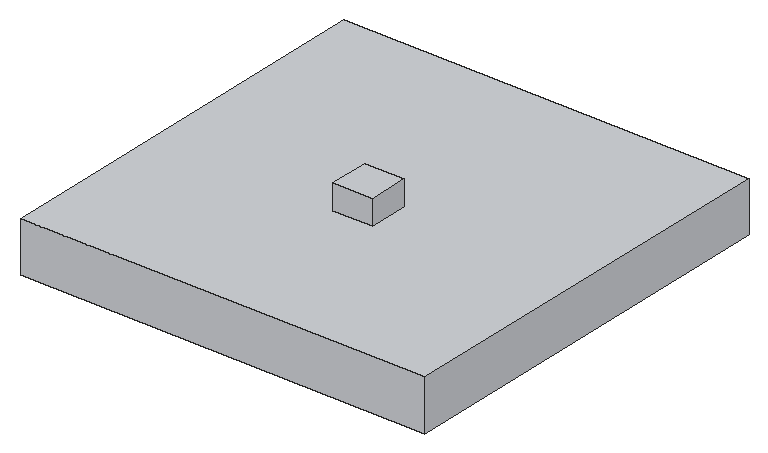
Revit family "M_Painel de purgação", category Equipamento elétrico, Revit 2019
Family settings
  Hospedeiro = Face
  Cota do conector redondo = Utilizar diâmetro
  Tipo de parte = Outros painéis
  Número OmniClass = 23.85.30.21.11.14
  Título OmniClass = Alarm Panels
  ID de item do Seek = Purge Panel-0000-CAN-ENU
  Corte com vazios quando carregada = Não
  Compartilhado = Não
  Ponto de cálculo do ambiente = Não
Parameters (values of type "Padrão")
  Largura = 241 mm
  Material do painel = none
  Comprimento = 241 mm
  Altura = 147 mm
  Elevação-padrão = 1219 mm
Reference planes
  plane 1 "Centro (Frente/Trás)": y = 0
  plane 2: z = 0
  plane 3 "Centro (Esquerda/Direita)": x = 0
  plane 4: x = -120.5
  plane 5: x = 120.5
  plane 6: y = -241
  plane 7: z = 147
Forms (mm)
  Extrusion 1, solid
    sketch origin (0, 0, 0) x (1, 0, 0) y (0, 1, 0)
      loop
        line (-1219.2, 1219.2) -> (-1219.2, -1219.2) -> (1219.2, -1219.2) -> (1219.2, 1219.2) -> (-1219.2, 1219.2)
    from 0 to -304.8
  Extrusion 2, solid, material <- "Material do painel"
    sketch origin (0, 0, 0) x (1, 0, 0) y (0, 1, 0)
      loop
        line (-120.5, 0) -> (-120.5, -241) -> (120.5, -241) -> (120.5, 0) -> (-120.5, 0)
    from 0 to 147
Dimensions and locks
  "Largura": plane 1 "Centro (Frente/Trás)" to plane 6
  equal spacing: plane 4, plane 3 "Centro (Esquerda/Direita)", plane 5
  "Comprimento": plane 4 to plane 5
  "Altura": plane 7 to plane 2
  aligned and locked: plane 2 to Extrusion 1
  aligned and locked: level to Extrusion 1
  aligned and locked: plane 4 to Extrusion 2 sketch curve
  aligned and locked: plane 1 "Centro (Frente/Trás)" to Extrusion 2 sketch curve
  aligned and locked: plane 6 to Extrusion 2 sketch curve
  aligned and locked: Extrusion 2 sketch curve to plane 5
  aligned and locked: Extrusion 2 to plane 2
  aligned and locked: plane 7 to Extrusion 2
  aligned and locked: plane 5 to Extrusion 2
  aligned and locked: plane 2 to nested 1
  aligned and locked: plane 7 to nested 1
  aligned and locked: plane 4 to nested 1
  aligned and locked: plane 5 to nested 1
Automatic sketch dimensions
  Extrusion 1 sketch curve to Extrusion 1 sketch curve = 2438.4 mm  (x2)
Nested families
  nested 1: "M_Anotação do painel de purgação" at (546.1, 0, -117) x (1, 0, 0) z (0, -1, 0), type "Anotação do painel de purgação", detail levels coarse+medium
    with Largura 147 mm, Comprimento 241 mm
Connectors
  electrical at (0, 0, 73.5)
    settings: on Extrusion 2, index 1, voltage 0 V, apparent load 0 VA, apparent load phase1 0 VA, apparent load phase2 0 VA, apparent load phase3 0 VA, power factor 1, load classification "Outros", number of poles 1, system type 11, power factor state 1, is connector primary yes, connector utility no, sub classification motor no, connector description ""
  cabletrayconduit at (0, 0, 73.5), diameter 600
    settings: on Extrusion 2, index 2, connector width 300 mm, connector height 300 mm, connector angle 0.00°, system type 32, placement type 1, profile type 0, connector reference index -1, is primary connector yes, connector utility param no, connector description ""
  cabletrayconduit at (-120.5, -120.5, 73.5), diameter 600
    settings: on Extrusion 2, index 3, connector width 300 mm, connector height 300 mm, connector angle 0.00°, system type 32, placement type 1, profile type 0, connector reference index -1, is primary connector no, connector utility param no, connector description ""
  cabletrayconduit at (120.5, -120.5, 73.5), diameter 600
    settings: on Extrusion 2, index 4, connector width 300 mm, connector height 300 mm, connector angle 0.00°, system type 32, placement type 1, profile type 0, connector reference index -1, is primary connector no, connector utility param no, connector description ""
  cabletrayconduit at (0, -120.5, 0), diameter 600
    settings: on Extrusion 2, index 5, connector width 300 mm, connector height 300 mm, connector angle 0.00°, system type 32, placement type 1, profile type 0, connector reference index -1, is primary connector no, connector utility param no, connector description ""
  cabletrayconduit at (0, -241, 73.5), diameter 600
    settings: on Extrusion 2, index 6, connector width 300 mm, connector height 300 mm, connector angle 0.00°, system type 32, placement type 1, profile type 0, connector reference index -1, is primary connector no, connector utility param no, connector description ""
Definition of nested family "M_Anotação do painel de purgação"
  Parameters
    Largura [instance] = 147 mm
    Comprimento [instance] = 241 mm
    Assembly Code = ""
  Reference planes
    plane 1 "Centro (Frente/Trás)": y = 190.5
    plane 2: z = 0
    plane 3 "Centro (Esquerda/Direita)": x = -546.1
    plane 4: x = -666.6
    plane 5: x = -425.6
    plane 6: y = 264
    plane 7: y = 117
  Lines and regions (mm)
    Filled region 1, type "Preenchimento sólido - Preto", in view "Nível de referência"
      outline origin (-270.66, 217.119, 0) x (1, 0, 0) y (0, 1, 0)
        loop
          line (-275.44, -22.16) -> (-279.591, -22.16)
          arc (-279.591, -22.16) -> (-282.476, -24.916) -> (-279.591, -27.672) r 2.759
          line (-279.591, -27.672) -> (-276.503, -27.672) -> (-276.503, -31.562) -> (-275.44, -31.562) -> (-275.44, -22.16)
        loop
          line (-276.503, -23.289) -> (-279.591, -23.289)
          arc (-279.591, -23.289) -> (-281.139, -24.964) -> (-279.559, -26.61) r 1.663
          line (-279.559, -26.61) -> (-276.503, -26.61) -> (-276.503, -23.289)
        loop
          line (-266.639, -22.16) -> (-270.921, -22.16)
          arc (-270.921, -22.16) -> (-273.806, -24.916) -> (-270.921, -27.672) r 2.759
          line (-270.921, -27.672) -> (-267.834, -27.672) -> (-267.834, -31.562) -> (-266.639, -31.562) -> (-266.639, -22.16)
        loop
          line (-267.834, -23.289) -> (-270.922, -23.289)
          arc (-270.922, -23.289) -> (-272.474, -24.969) -> (-270.89, -26.619) r 1.668
          line (-270.89, -26.619) -> (-267.834, -26.619) -> (-267.834, -23.289)
    detail lines, in view "Nível de referência"
      curve 1: line (-666.6, 264, 0) -> (-425.6, 264, 0)
      curve 2: line (-666.6, 117, 0) -> (-666.6, 264, 0)
      curve 3: line (-425.6, 117, 0) -> (-666.6, 117, 0)
      curve 4: line (-425.6, 264, 0) -> (-425.6, 117, 0)
      curve 5: line (-537.299, 194.959, 0) -> (-537.299, 185.557, 0)
      curve 6: line (-537.299, 185.557, 0) -> (-538.494, 185.557, 0)
      curve 7: line (-538.494, 185.557, 0) -> (-538.494, 189.447, 0)
      curve 8: line (-538.494, 189.447, 0) -> (-541.582, 189.447, 0)
      curve 9: line (-538.494, 190.5, 0) -> (-541.55, 190.5, 0)
      curve 10: line (-538.494, 190.5, 0) -> (-538.494, 193.831, 0)
      curve 11: line (-538.494, 193.831, 0) -> (-541.582, 193.831, 0)
      curve 12: arc (-541.55, 190.5, 0) -> (-543.135, 192.15, 0) -> (-541.582, 193.831, 0) r 1.668
      curve 13: line (-537.299, 194.959, 0) -> (-541.582, 194.959, 0)
      curve 14: arc (-541.582, 189.447, 0) -> (-544.467, 192.203, 0) -> (-541.582, 194.959, 0) r 2.759
      curve 15: line (-546.1, 194.959, 0) -> (-546.1, 185.557, 0)
      curve 16: line (-546.1, 185.557, 0) -> (-547.163, 185.557, 0)
      curve 17: line (-547.163, 185.557, 0) -> (-547.163, 189.447, 0)
      curve 18: line (-547.163, 189.447, 0) -> (-550.251, 189.447, 0)
      curve 19: line (-547.163, 190.51, 0) -> (-550.22, 190.51, 0)
      curve 20: line (-547.163, 190.51, 0) -> (-547.163, 193.831, 0)
      curve 21: line (-547.163, 193.831, 0) -> (-550.251, 193.831, 0)
      curve 22: arc (-550.22, 190.51, 0) -> (-551.799, 192.155, 0) -> (-550.251, 193.831, 0) r 1.663
      curve 23: line (-546.1, 194.959, 0) -> (-550.251, 194.959, 0)
      curve 24: arc (-550.251, 189.447, 0) -> (-553.136, 192.203, 0) -> (-550.251, 194.959, 0) r 2.759
  Dimensions and locks
    equal spacing: plane 4, plane 3 "Centro (Esquerda/Direita)", plane 5
    "Comprimento": plane 4 to plane 5
    equal spacing: plane 6, plane 1 "Centro (Frente/Trás)", plane 7
    "Largura": plane 6 to plane 7
    aligned and locked: plane 4 to curve 1
    aligned and locked: curve 1 to plane 6
    aligned and locked: plane 7 to curve 4
    aligned and locked: curve 4 to plane 5
    aligned and locked: Filled region 1 sketch curve to curve 23
    aligned and locked: Filled region 1 sketch curve to curve 24
    aligned and locked: Filled region 1 sketch curve to curve 21
    aligned and locked: Filled region 1 sketch curve to curve 22
    aligned and locked: Filled region 1 sketch curve to curve 19
    aligned and locked: Filled region 1 sketch curve to curve 20
    aligned and locked: Filled region 1 sketch curve to curve 18
    aligned and locked: Filled region 1 sketch curve to curve 15
    aligned and locked: Filled region 1 sketch curve to curve 17
    aligned and locked: Filled region 1 sketch curve to curve 16
    aligned and locked: Filled region 1 sketch curve to curve 13
    aligned and locked: Filled region 1 sketch curve to curve 14
    aligned and locked: Filled region 1 sketch curve to curve 11
    aligned and locked: Filled region 1 sketch curve to curve 12
    aligned and locked: Filled region 1 sketch curve to curve 9
    aligned and locked: Filled region 1 sketch curve to curve 10
    aligned and locked: Filled region 1 sketch curve to curve 8
    aligned and locked: Filled region 1 sketch curve to curve 5
    aligned and locked: Filled region 1 sketch curve to curve 7
    aligned and locked: Filled region 1 sketch curve to curve 6
    aligned and locked: curve 9 to plane 1 "Centro (Frente/Trás)"
    aligned and locked: curve 15 to plane 3 "Centro (Esquerda/Direita)"
  Automatic sketch dimensions
    curve 24 to curve 24 = 0.126 mm
    curve 24 to curve 23 = 0.126 mm
    curve 22 to curve 23 = 0 mm
    curve 24 to curve 22 = 0.031 mm
    curve 24 to curve 22 = 0.242 mm
    curve 24 to curve 17 = 3.088 mm
    curve 21 to curve 21 = 3.088 mm
    curve 20 to curve 23 = 1.063 mm
    curve 15 to curve 14 = 4.392 mm
    curve 14 to curve 14 = 0.126 mm
    curve 14 to curve 13 = 0.126 mm
    curve 12 to curve 13 = 0 mm
    curve 14 to curve 9 = 0.031 mm
    curve 14 to curve 12 = 0.242 mm
    curve 14 to curve 7 = 3.088 mm
    curve 11 to curve 10 = 3.088 mm
    curve 6 to curve 5 = 1.195 mm
    curve 15 to curve 5 = 0 mm
    curve 21 to curve 15 = 1.129 mm
    curve 12 to curve 13 = 1.129 mm
    curve 14 to curve 12 = 1.627 mm
    curve 24 to curve 22 = 1.627 mm
    curve 22 to curve 24 = 0.032 mm
    curve 12 to curve 14 = 0.037 mm
    curve 6 to curve 7 = 3.89 mm
    curve 17 to curve 17 = 3.89 mm
